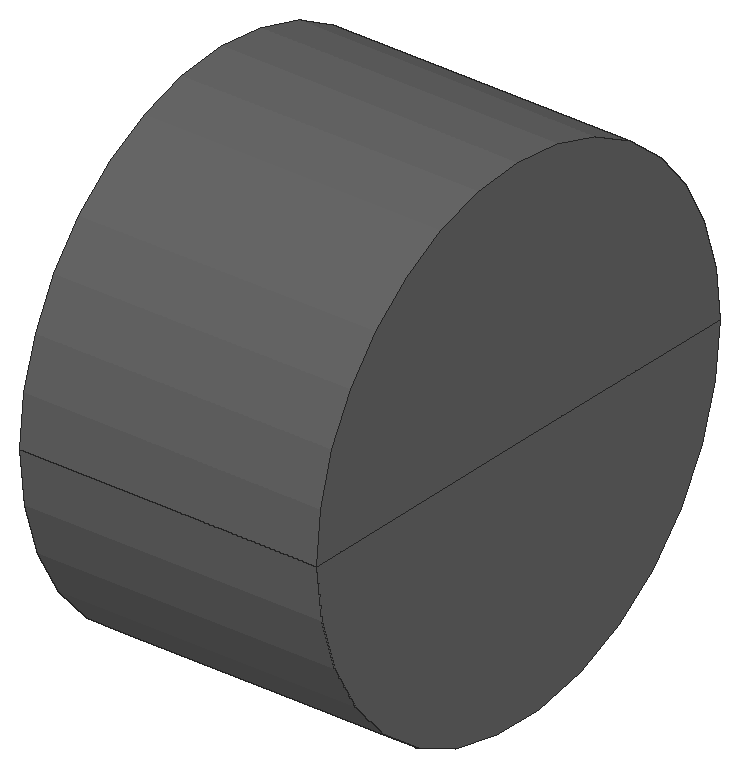
Revit family "Mechanical_Stoppers-Exapandable-Champion_Couplings-C1440-NH_Series", category Pipe Fittings, Revit 2014
Parameters (values of type "C1440-NH")
  Width B = 1.950"
  Width A = 1.610"
  Waste Connection = no
  Warranty Information = "1 Year Warranty"  # constant formula
  Vent Connection = no
  URL = "http://www.mifab.com"
  Tick Size = Width A * 0.4  # 0.644"
  Standard Listings & Approval = "CSA Approved, U.P.C. Approved"  # constant formula
  Product Page URL = "http://www.mifab.com/Catalog/No_Hub_Couplings/C1440NH_EXPANDABLE_MECHANICAL_STOPPERS_.html"
  Product Documentation Link = "http://www.mifab.com/Catalog/Library/C1440-NH-spec_sheet.pdf"
  Price = "Prices may vary. Please consult Manufacturer Representative for most up-to-date price list."  # constant formula
  Pipe Size Description = "1 1/2\""
  Pipe Connection Diameter = 1.500"
  Model = "C1440-NH"  # constant formula
  Material = "Rubber-Champion Couplings-Flexible Rubber"  # constant formula
  Manufacturer = "Champion Couplings"  # constant formula
  List Price (Each Piece) = 2.65
  Height = 1.150"
  HW Connection = no
  Description = ": MIFAB® Series C1440-NH (select model number) expandable mecahnical stoppers. The C1440-NH meets and\r\nexceed the requirements of the ASTM C425 Standard."  # constant formula
  Creation Date = "\"2/17/2016\""
  CW Connection = yes
  Assembly Code = "D2090800"
Reference planes (in)
  plane 1 "Center (Front/Back)": y = 0
  plane 2: z = 0
  plane 3 "Center (Left/Right)": x = 0
  plane 4: x = 1.15
  plane 5: y = 0.975
  plane 6: y = -0.975
  plane 7: y = 0.75
  plane 8: y = -0.75
  plane 9: y = 0.975
  plane 10: y = -0.975
Forms (in)
  Revolve 1, solid, material "Rubber-Champion Couplings-Flexible Rubber"
    sketch origin (0, 0, 0) x (1, 0, 0) y (0, 1, 0)
      loop
        line (0, 0.975) -> (0, 0.75) -> (0.9, 0.75) -> (0.9, 0) -> (1.15, 0) -> (1.15, 0.975) -> (0, 0.975)
      axis (1.15, 0) -> (0, 0)
    angle from 0 to 360
Lines and regions (in)
  Masking region 1, detail levels fine
    outline origin (2.035, 0, 0) x (1, 0, 0) y (0, 1, 0)
      loop
        line (-2.035, 0.975) -> (-2.035, -0.975) -> (-0.885, -0.975) -> (-0.885, 0.975) -> (-2.035, 0.975)
  model lines, detail levels coarse+medium
    curve 1: line (1.15, 0.975, 0) -> (0, 0.975, 0)
    curve 2: line (1.15, 0.975, 0) -> (1.15, -0.975, 0)
    curve 3: line (0, -0.975, 0) -> (1.15, -0.975, 0)
Dimensions and locks (in)
  "Width B": plane 6 to plane 5
  "Pipe Connection Diameter": plane 7 to plane 8
  equal spacing: plane 7, plane 1 "Center (Front/Back)", plane 8
  "Height": plane 3 "Center (Left/Right)" to plane 4
  equal spacing: plane 6, plane 1 "Center (Front/Back)", plane 5
  "Width B": plane 9 to plane 10
  equal spacing: plane 9, plane 1 "Center (Front/Back)", plane 10
  locked: Revolve 1 sketch curve to plane 4 at 0.25
  aligned and locked: plane 5 to Masking region 1 sketch curve
  aligned and locked: Masking region 1 sketch curve to plane 6
  aligned and locked: plane 4 to Masking region 1 sketch curve
  aligned and locked: Masking region 1 sketch curve to plane 3 "Center (Left/Right)"
  aligned and locked: plane 9 to Revolve 1 sketch curve
  aligned and locked: Revolve 1 sketch curve to plane 7
  aligned and locked: curve 1 to Masking region 1
  aligned and locked: curve 2 to Revolve 1
  aligned and locked: curve 3 to Masking region 1
Automatic sketch dimensions
  curve 1 to plane 3 "Center (Left/Right)" = 0.000"
  curve 3 to plane 3 "Center (Left/Right)" = 0.000"
  plane 1 "Center (Front/Back)" to Revolve 1 sketch curve = 0.000"  (x2)
  Revolve 1 sketch curve to plane 3 "Center (Left/Right)" = 0.000"
  Revolve 1 sketch curve to plane 4 = 0.000"
  Revolve 1 sketch curve to plane 3 "Center (Left/Right)" = 1.000"
  Revolve 1 sketch curve to Revolve 1 sketch curve = 1.40835"
Connectors (in)
  piping at (0, 0, 0), diameter 1.5, driven by "Pipe Connection Diameter"
    settings: on Revolve 1, index 1, connector inside diameter 24", connector length 0.000", flow factor 0, pipe flow 0 GPM, pressure drop 0.00 psi, fitting loss kfactor 0, connector angle 0.00°, fixture units 0, engagement length 0.000", angle of deflection 0.00°, flow configuration 0, flow direction 0, fitting loss method 0, system type 28, joint type 0, gender type 0, connector reference index -1, connector utility 0, adjustable connector no, is connector primary yes, connector description ""
